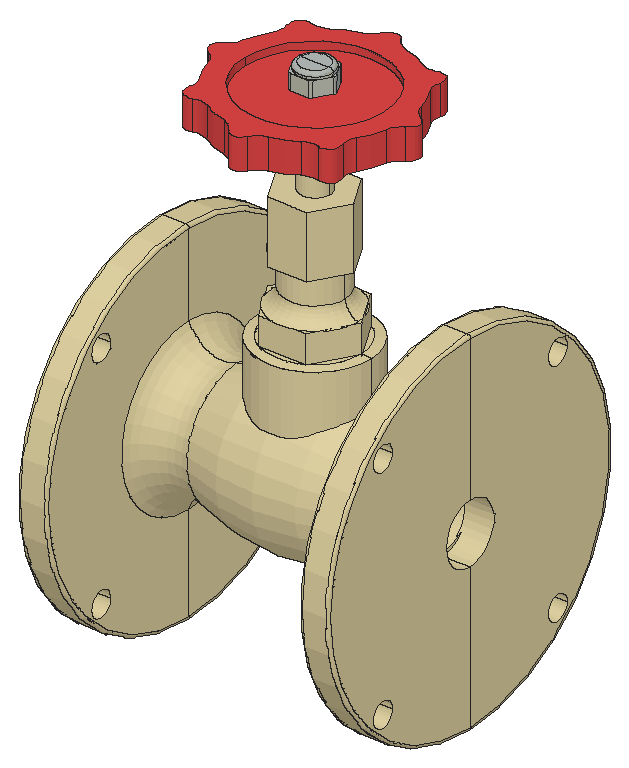
Revit family "DA05420000", category Apparecchi idraulici, Revit 2020
Family settings
  Quota connettore circolare = Usa diametro
  Tipo di parte = Normale
  Numero OmniClass = 23.45.00.00
  Titolo OmniClass = Sanitary, Laundry, and Cleaning Equipment
  Basato su piano di lavoro = No
  Sempre verticale = Sì
  Taglio con vuoti quando caricato = No
  Condiviso = No
  Punto di calcolo locali = No
Parameters
  URL = "https://web.cimberio.com/index.php/figura/25?subcategoria_id="
  Temperatura di esercizio = "-10 ÷ 170°C"
  Prospetto di default = 0 mm
  Produttore = "CIMBERIO SPA"
  Pressione nominale = "PN 16"
  Modello = "Cim *82PN10"
  Materiale = "Prodotto in lega di ottone conforme alla norma EN 12165-CW617N-DW"
  Descrizione = "Utilizzato nei più svariati settori dell’impiantistica ed in ogni applicazione industriale ed agricola dove è richiesta una regolazione: impianti di riscaldamento, idrici, igienico sanitari, aria compressa, reti di distribuzione vapore saturo, olii, benzine, petrolio ed altri idrocarburi e in generale con ogni fluido non corrosivo"
  DN Model [instance] = DA05423110 : DA05423110
  DN [instance] = 16 mm
  Commenti sul tipo = "Realizzato in ottemperanza ai requisiti gestionali della norma EN ISO 9001.\r\nCollaudato al 100% secondo la normativa EN 12266-1"
Reference planes
  plane 1 "Centro (Fronte/Retro)": y = 0
  plane 2: z = 0
  plane 3 "Centro (Sinistra/Destra)": x = 0
Dimensions and locks
  aligned and locked: level to plane 2
Nested families
  nested 1: "DA05423110" at (0, 0, 0), type <- "DN Model", type "DA05423110"
  nested 2: "DA05423110" at (0, 0, 0), type <- "DN Model", type "DA05423110"
  nested 3: "DA05423110" at (0, 0, 0), type <- "DN Model", type "DA05423110"
  nested 4: "DA05423110" at (0, 0, 0), type <- "DN Model", type "DA05423110"
  nested 5: "DA05423110" at (0, 0, 0), type <- "DN Model", type "DA05423110"
  nested 6: "DA05423110" at (0, 0, 0), type <- "DN Model", type "DA05423110"
  nested 7: "DA05423110" at (0, 0, 0), type <- "DN Model", type "DA05423110"
  nested 8: "DA05423110" at (0, 0, 0), type <- "DN Model", type "DA05423110"
  nested 9: "DA05423110" at (0, 0, 0), type <- "DN Model", type "DA05423110"
Connectors
  piping at (-41.232, 0, 0), diameter 16, driven by "DN"
    settings: on nested 1, index 1, connector inside diameter 609.6 mm, connector length 0 mm, flow factor 0, pipe flow 0.0 L/s, pressure drop 0.0 Pa, fitting loss kfactor 0, connector angle 0.00°, fixture units 0, engagement length 0 mm, angle of deflection 0.00°, flow configuration 0, flow direction 0, fitting loss method 0, system type 7, joint type 0, gender type 0, connector reference index -1, connector utility 0, adjustable connector no, is connector primary yes, connector description ""
  piping at (41.232, 0, 0), diameter 16, driven by "DN"
    settings: on nested 1, index 2, connector inside diameter 609.6 mm, connector length 0 mm, flow factor 0, pipe flow 0.0 L/s, pressure drop 0.0 Pa, fitting loss kfactor 0, connector angle 0.00°, fixture units 0, engagement length 0 mm, angle of deflection 0.00°, flow configuration 0, flow direction 0, fitting loss method 0, system type 7, joint type 0, gender type 0, connector reference index -1, connector utility 0, adjustable connector no, is connector primary no, connector description ""
Definition of nested family "DA05423110"
  Parameters (values of type "DA05423110")
    Default Elevation = 0 mm
  Reference planes
    plane 1 "Centro (Fronte/Retro)": y = 0
    plane 2: z = 0
    plane 3 "Centro (Sinistra/Destra)": x = 0
  Forms (mm)
    Revolve 1, solid
      sketch origin (0, 0, 0) x (1, 0, 0) y (0, 0, 1)
        loop
          line (33.727, -7.5) -> (-33.937, -7.5) -> (-33.937, -22.217)
          arc (-33.937, -22.217) -> (-29.131, -15.246) -> (-20.687, -14.614) r 9.811
          arc (-20.687, -14.614) -> (0, -18.5) -> (20.687, -14.614) r 57
          arc (20.687, -14.614) -> (28.684, -15.005) -> (33.727, -21.225) r 9.811
          line (33.727, -21.225) -> (33.727, -7.5)
        axis (-33.937, 2) -> (33.727, 2)
      angle from 0 to 360
    Revolve 2, solid
      sketch origin (0, 0, 0) x (1, 0, 0) y (0, 0, 1)
        loop
          line (-15, 4.172) -> (0, 4.172) -> (0, 32.573) -> (-12.5, 32.573) -> (-15, 32.132) -> (-15, 4.172)
        axis (0, 32.573) -> (0, 4.172)
      angle from 0 to 360
    Extrusion 3, solid
      sketch origin (0, 0, 0) x (0, -1, 0) y (1, 0, 0)
        loop
          line (0, 12.5) -> (-10.825, 6.25) -> (-10.825, -6.25) -> (0, -12.5) -> (10.825, -6.25) -> (10.825, 6.25) -> (0, 12.5)
      from 32.132 to 39.804
    Revolve 4, solid
      sketch origin (0, 0, 3.5) x (1, 0, 0) y (0, 0, 1)
        loop
          line (0, 47.5) -> (-7.95, 47.5) -> (-8.019, 40.572)
          arc (-8.019, 40.572) -> (-9.032, 37.961) -> (-11.29, 36.304) r 5
          line (-11.29, 36.304) -> (0, 36.304) -> (0, 47.5)
        axis (0, 47.5) -> (0, 36.304)
      angle from 0 to 360
    Extrusion 5, solid
      sketch origin (0, 0, 0) x (0, -1, 0) y (1, 0, 0)
        loop
          line (0, -10.4) -> (9.007, -5.2) -> (9.007, 5.2) -> (0, 10.4) -> (-9.007, 5.2) -> (-9.007, -5.2) -> (0, -10.4)
      from 51 to 67.5
    Revolve 6, solid
      sketch origin (0, 0, 12.019) x (1, 0, 0) y (0, 0, 1)
        loop
          line (-8.5, 72.318) -> (-8.5, 69.97)
          arc (-8.5, 69.97) -> (-8.353, 69.616) -> (-7.999, 69.469) r 0.501
          line (-7.999, 69.469) -> (-4, 69.469) -> (-4, 52.626) -> (0, 52.626) -> (0, 72.318) -> (-8.5, 72.318)
        axis (0, 72.318) -> (0, 52.626)
      angle from 0 to 360
    Extrusion 7, solid
      sketch origin (0, 0, 12.085) x (0.98263, 0.185575, 0) y (-0.185575, 0.98263, 0)
        loop
          spline (-12.624, 22.54) -> (-13.213, 22.77) -> (-13.791, 22.909) -> (-14.346, 22.954) -> (-14.868, 22.904) -> (-15.347, 22.761) -> (-15.773, 22.527) -> (-16.139, 22.206) -> (-16.438, 21.805) -> (-16.663, 21.332) -> (-16.81, 20.794) -> (-16.877, 20.204) -> (-16.863, 19.572)
          arc (-16.863, 19.572) -> (-17.081, 17.552) -> (-18.08, 15.783) r 5.029
          arc (-18.08, 15.783) -> (-20.241, 12.895) -> (-21.945, 9.716) r 24
          arc (-21.945, 9.716) -> (-23.126, 8.063) -> (-24.865, 7.011) r 5.029
          spline (-24.865, 7.011) -> (-25.444, 6.757) -> (-25.951, 6.447) -> (-26.375, 6.086) -> (-26.709, 5.682) -> (-26.946, 5.242) -> (-27.082, 4.775) -> (-27.114, 4.29) -> (-27.042, 3.795) -> (-26.866, 3.301) -> (-26.591, 2.817) -> (-26.221, 2.352) -> (-25.763, 1.916)
          arc (-25.763, 1.916) -> (-24.489, 0.333) -> (-23.945, -1.624) r 5.029
          arc (-23.945, -1.624) -> (-23.431, -5.195) -> (-22.388, -8.648) r 24
          arc (-22.388, -8.648) -> (-22.054, -10.652) -> (-22.54, -12.624) r 5.029
          spline (-22.54, -12.624) -> (-22.77, -13.213) -> (-22.909, -13.791) -> (-22.954, -14.346) -> (-22.904, -14.868) -> (-22.761, -15.347) -> (-22.527, -15.773) -> (-22.206, -16.139) -> (-21.805, -16.438) -> (-21.332, -16.663) -> (-20.794, -16.81) -> (-20.204, -16.877) -> (-19.572, -16.863)
          arc (-19.572, -16.863) -> (-17.552, -17.081) -> (-15.783, -18.08) r 5.029
          arc (-15.783, -18.08) -> (-12.895, -20.241) -> (-9.716, -21.945) r 24
          arc (-9.716, -21.945) -> (-8.081, -23.106) -> (-7.03, -24.813) r 5.029
          spline (-7.03, -24.813) -> (-6.779, -25.402) -> (-6.471, -25.918) -> (-6.111, -26.351) -> (-5.706, -26.693) -> (-5.265, -26.937) -> (-4.795, -27.079) -> (-4.307, -27.115) -> (-3.809, -27.045) -> (-3.312, -26.871) -> (-2.824, -26.595) -> (-2.356, -26.223) -> (-1.916, -25.763)
          arc (-1.916, -25.763) -> (-0.333, -24.489) -> (1.624, -23.945) r 5.029
          arc (1.624, -23.945) -> (5.195, -23.431) -> (8.648, -22.388) r 24
          arc (8.648, -22.388) -> (10.624, -22.053) -> (12.575, -22.516) r 5.029
          spline (12.575, -22.516) -> (13.172, -22.757) -> (13.759, -22.903) -> (14.323, -22.954) -> (14.854, -22.907) -> (15.341, -22.764) -> (15.773, -22.527) -> (16.144, -22.201) -> (16.445, -21.793) -> (16.671, -21.31) -> (16.816, -20.763) -> (16.879, -20.161) -> (16.858, -19.518)
          arc (16.858, -19.518) -> (17.089, -17.526) -> (18.08, -15.783) r 5.029
          arc (18.08, -15.783) -> (20.241, -12.895) -> (21.945, -9.716) r 24
          arc (21.945, -9.716) -> (23.106, -8.081) -> (24.813, -7.03) r 5.029
          spline (24.813, -7.03) -> (25.406, -6.777) -> (25.924, -6.466) -> (26.359, -6.103) -> (26.701, -5.694) -> (26.944, -5.249) -> (27.082, -4.775) -> (27.114, -4.283) -> (27.038, -3.781) -> (26.856, -3.281) -> (26.572, -2.791) -> (26.191, -2.321) -> (25.721, -1.881)
          arc (25.721, -1.881) -> (24.477, -0.309) -> (23.945, 1.624) r 5.029
          arc (23.945, 1.624) -> (23.431, 5.195) -> (22.388, 8.648) r 24
          arc (22.388, 8.648) -> (22.053, 10.624) -> (22.516, 12.575) r 5.029
          spline (22.516, 12.575) -> (22.757, 13.172) -> (22.903, 13.759) -> (22.954, 14.323) -> (22.907, 14.854) -> (22.764, 15.341) -> (22.527, 15.773) -> (22.201, 16.144) -> (21.793, 16.445) -> (21.31, 16.671) -> (20.763, 16.816) -> (20.161, 16.879) -> (19.518, 16.858)
          arc (19.518, 16.858) -> (17.526, 17.089) -> (15.783, 18.08) r 5.029
          arc (15.783, 18.08) -> (12.895, 20.241) -> (9.716, 21.945) r 24
          arc (9.716, 21.945) -> (8.063, 23.126) -> (7.011, 24.865) r 5.029
          spline (7.011, 24.865) -> (6.755, 25.448) -> (6.442, 25.957) -> (6.078, 26.383) -> (5.67, 26.717) -> (5.227, 26.953) -> (4.755, 27.086) -> (4.266, 27.113) -> (3.768, 27.035) -> (3.271, 26.852) -> (2.784, 26.568) -> (2.318, 26.188) -> (1.881, 25.721)
          arc (1.881, 25.721) -> (0.309, 24.477) -> (-1.624, 23.945) r 5.029
          arc (-1.624, 23.945) -> (-5.195, 23.431) -> (-8.648, 22.388) r 24
          arc (-8.648, 22.388) -> (-10.652, 22.054) -> (-12.624, 22.54) r 5.029
      from 71.915 to 79.915
    Extrusion 8, void
      sketch origin (0, 0, 12.085) x (1, 0, 0) y (0, 1, 0)
        loop
          circle (0, 0) r 18.5
      from 78 to 80.921
    Extrusion 9, solid
      sketch origin (0.001, 0, 14) x (0.934965, 0.354741, 0) y (-0.354741, 0.934965, 0)
        loop
          line (-1.377, 5.329) -> (-4.94, 2.419)
          arc (-4.94, 2.419) -> (-5.249, 1.991) -> (-5.302, 1.465) r 1.021
          line (-5.302, 1.465) -> (-4.565, -3.074)
          arc (-4.565, -3.074) -> (-4.349, -3.551) -> (-3.924, -3.858) r 1.012
          line (-3.924, -3.858) -> (0.37, -5.486)
          arc (0.37, -5.486) -> (0.9, -5.54) -> (1.387, -5.321) r 1.03
          line (1.387, -5.321) -> (4.931, -2.427)
          arc (4.931, -2.427) -> (5.246, -1.989) -> (5.3, -1.452) r 1.042
          line (5.3, -1.452) -> (4.567, 3.058)
          arc (4.567, 3.058) -> (4.346, 3.549) -> (3.909, 3.863) r 1.04
          line (3.909, 3.863) -> (-0.382, 5.491)
          arc (-0.382, 5.491) -> (-0.901, 5.543) -> (-1.377, 5.329) r 1.007
      from 78 to 82
    Revolve 10, solid
      sketch origin (0, 0, 13.506) x (1, 0, 0) y (0, 0, 1)
        loop
          line (0, 83.994) -> (0, 81.954) -> (4.75, 81.954) -> (4.75, 82.994)
          arc (4.75, 82.994) -> (4.457, 83.701) -> (3.75, 83.994) r 1
          line (3.75, 83.994) -> (0, 83.994)
        axis (0, 83.994) -> (0, 81.954)
      angle from 0 to 360
    Revolve 11, solid
      sketch origin (-6.732, 0, 0) x (1, 0, 0) y (0, 0, 1)
        loop
          line (-34.5, 46.192) -> (-34.5, 8) -> (-26.733, 8) -> (-26.733, 46.165)
          arc (-26.733, 46.165) -> (-26.977, 46.756) -> (-27.567, 47) r 0.835
          line (-27.567, 47) -> (-33.692, 47)
          arc (-33.692, 47) -> (-34.263, 46.763) -> (-34.5, 46.192) r 0.808
        axis (-34.5, 0) -> (-26.733, 0)
      angle from 0 to 360
    Revolve 12, solid
      sketch origin (6.732, 0, 0) x (-1, 0, 0) y (0, 0, -1)
        loop
          arc (-34.5, -46.192) -> (-34.263, -46.763) -> (-33.692, -47) r 0.808
          line (-33.692, -47) -> (-27.567, -47)
          arc (-27.567, -47) -> (-26.977, -46.756) -> (-26.733, -46.165) r 0.835
          line (-26.733, -46.165) -> (-26.733, -8) -> (-34.5, -8) -> (-34.5, -46.192)
        axis (-34.5, 0) -> (-26.733, 0)
      angle from 0 to 360
    Extrusion 13, void
      sketch origin (0, 0, 0) x (0, 1, 0) y (0, 0, 1)
        loop
          circle (28.974, 30.425) r 3.309
        loop
          circle (-28.974, 30.425) r 3.309
        loop
          circle (28.974, -30.425) r 3.309
        loop
          circle (-28.974, -30.425) r 3.309
      from -66.269 to 100
  Cuts and joins
    Extrusion 8 cuts Extrusion 7
    Extrusion 13 cuts Revolve 11
    Extrusion 13 cuts Revolve 12
  Dimensions and locks
    aligned and locked: level to plane 2
